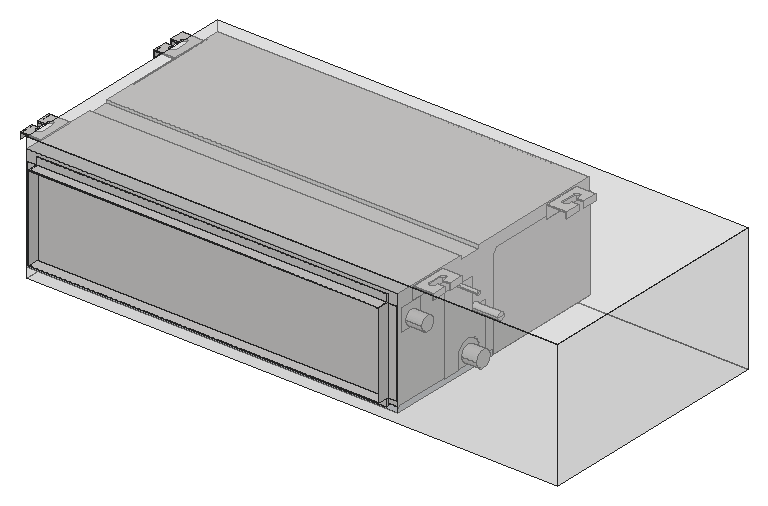
Revit family "outputfile", category 機械設備, Revit 2024
Family settings
  丸型コネクタ寸法 = 半径を使用
  パーツ タイプ = 標準
  OmniClass 番号 = 23.75.10.24.21.27.27
  OmniClass タイトル = Split System Air Conditioning Units
  作業面ベース = いいえ
  常に垂直 = はい
  ロード時にボイドで切り取り = いいえ
  注釈の向きを維持 = いいえ
  共有 = いいえ
  部屋計算ポイント = はい
Parameters (values of type "FXDQ32SPV1")
  Description = ""
  製造元 = "Daikin"
  書き出し IFC クラス(タイプ) = "IfcUnitaryEquipmentType"
  定義済み IFC タイプ(タイプ) = "AIRCONDITIONINGUNIT"
  Cost = 0
  モデル = "FXDQ32SPV1"
  Type Comments = ""
  Keynote = ""
  Type Image = (empty or 0)
  Assembly Code = ""
  w_pipe = 33.0 mm
  r_Liquid Pipe Size = Liquid Pipe Size / 2  # 3.2 mm
  r_Gas Pipe Size = Gas Pipe Size / 2  # 6.35 mm
  r_Drain Pipe Size = Drain Pipe Size / 2  # 10.0 mm
  lw_powersupply = 304.0 mm
  lw_ductflange2 = 630.0 mm
  lw_clearancespace = 1000.0 mm
  lw_Width = 660.0 mm
  lh_suctionflange [instance] = if(Rear Connection_Return Air, 100.0 mm, 190.0 mm)  # 100.0 mm
  lh_liquidpipe = 154.5 mm
  ld_suctionflange [instance] = if(Rear Connection_Return Air, 190.0 mm, 100.0 mm)  # 190.0 mm
  ld_powersupply = 60.0 mm
  angle_vertical_RA [instance] = if(Rear Connection_Return Air, 90.00°, 0.00°)  # 90.00°
  angle horizontal_RA [instance] = if(Rear Connection_Return Air, 180.00°, 270.00°)  # 180.00°
  Voltage_comment_50Hz = "220-240"
  Voltage_50Hz = 230 V
  URL = ""
  Supply Air Direction [instance] = yes
  Sound Power Level_H speed (dB) = 0
  Rear Connection_Return Air [instance] = not(Bottom Connection_Return Air)  # yes
  RA_length = 190.0 mm  # constant formula
  Phase_50Hz = 1
  Minimum External Static Pressure = 10.00 Pa
  Minimum Circuit Amps_50Hz = 0.7 A
  Maximum Fuse Amps_50Hz = 16.0 A
  Maximum External Static Pressure = 30.00 Pa
  Material_Casing = DAIKIN_GalvanizedSteel_Casing_indoorunit
  lw_liquidpipe = 39.2 mm  # constant formula
  lw_gaspipe = 50.6 mm  # constant formula
  lw_mountinghole_pitch = 740.0 mm
  lw_mountinghole = 20.0 mm  # constant formula
  lw_drainpipe = 33.0 mm  # constant formula
  lh_powersupply = 10.0 mm
  lh_gaspipe = 102.0 mm
  lh_mountinghole = Height + [h***]  # 200.0 mm
  lh_drainpipe = 150.0 mm
  lh_antena = 1.0 mm  # constant formula
  ld_liquidpipe = 193.0 mm  # constant formula
  ld_gaspipe = 130.0 mm  # constant formula
  ld_mountinghole_pitch = 0.0 mm  # constant formula
  ld_drainpipe = 280.0 mm
  ld_controlbox = 626.0 mm  # constant formula
  h*** = 0.0 mm  # constant formula
  d_dischargeflange = 21.2 mm  # constant formula
  Width = 700.0 mm
  Version = "ver.1.0"
  Unit Type = "Slim Duct (Standard) Type"
  Unit Mass Weight = 17.00 kg
  Unit Designation [instance] = ""
  Uniclass2015Version = "Products v1.30"
  Uniclass2015Title = "Variable refrigerant flow units"
  Uniclass2015Code = "Pr_70_65_03_94"
  Total Heating Capacity [instance] = 0.000 kW
  Total Cooling Capacity [instance] = 0.000 kW
  Sound Pressure Level_M speed (dBA) = 0
  Sound Pressure Level_L speed (dBA) = 30
  Sound Pressure Level_H speed (dBA) = 34
  Series = "VRV Fan Coil Unit"
  Sensible Cooling Capacity [instance] = 0.000 kW
  SA Duct Size Width = 660.0 mm
  SA Duct Size Height = 160.0 mm
  Refrigerant Type = "R410A"
  RA Duct Size Width = 596.0 mm
  RA Duct Size Height = 172.0 mm
  Power Input (Heating) = 0.062 kW
  Power Input (Cooling) = 0.078 kW
  Option Accessory 3 [instance] = ""
  Option Accessory 2 [instance] = ""
  Option Accessory 1 [instance] = ""
  Nominal Heating Capacity = 4.000 kW
  Nominal Cooling Capacity = 3.600 kW
  Minimum Airflow = 480.00 m³/h
  Median Airflow = 540.00 m³/h
  Maximum Airflow = 600.00 m³/h
  Load Classification = HVAC
  Liquid Pipe Size = 6.4 mm
  Link_Nested Family [instance] = ""
  IfcVersion = "0"
  IfcExportType = "AIRCONDITIONINGUNIT"
  IfcExportAs = "IfcUnitaryEquipmentType"
  Height = 200.0 mm
  Heating Entering Wet Bulb Temperature [instance] = 0.00 °C
  Heating Entering Dry Bulb Temperature [instance] = 0.00 °C
  Heating Ambient Wet Bulb Temperature [instance] = 0.00 °C
  Heating Ambient Dry Bulb Temperature [instance] = 0.00 °C
  Heat Exchanger Type = "Cross Fin Coil"
  Gas Pipe Size = 12.7 mm
  Frequency_50Hz = 50 Hz
  Fan Type = "Sirocco Fan"
  Fan Drive = "Direct Drive"
  FCU Tag No. [instance] = ""
  Drain Pipe Size = 20.0 mm
  Design Supply Airflow [instance] = 0.00 m³/h
  Design Return Airflow [instance] = 0.00 m³/h
  Design External Static Pressure [instance] = 0.00 Pa
  Depth = 450.0 mm
  既定の高さ = 0.0 mm
  Cooling Entering Wet Bulb Temperature [instance] = 0.00 °C
  Cooling Entering Dry Bulb Temperature [instance] = 0.00 °C
  Cooling Ambient Wet Bulb Temperature [instance] = 0.00 °C
  Cooling Ambient Dry Bulb Temperature [instance] = 0.00 °C
  Clearance visibility [instance] = yes
  Clearance Top = 20.0 mm
  Clearance Right = 300.0 mm
  Clearance Rear = 0.0 mm
  Clearance Left = 0.0 mm
  Clearance Front = 0.0 mm
  Clearance Bottom = 20.0 mm
  Bottom Connection_Return Air [instance] = no
Reference planes
  plane 1 "Center (Front/Back)": y = 0
  plane 2: z = 0
  plane 3 "Center (Left/Right)": x = 0
  plane 4 "Back": y = 225
  plane 5 "Front": y = -225
  plane 6 "Left": x = -350
  plane 7 "Right": x = 350
  plane 8 "Top": z = 0
  plane 9 "Bottom": z = -200
  plane 10: x = 330
  plane 11: x = -330
  plane 12: z = -190
  plane 13: z = -6
  plane 14: z = -22
  plane 15: z = -45.5
  plane 16: z = -98
  plane 17: x = -304
  plane 18: x = 304
  plane 19: x = -370
  plane 20: x = 370
  plane 21: y = 165
  plane 22: y = 165
  plane 23: x = -390
  plane 24: x = 390
  plane 25: x = 389.2
  plane 26: x = 400.6
  plane 27: x = 383
  plane 28: z = 0
  plane 29: z = -50
  plane 30 "Clearance Left": x = -350
  plane 31 "Clearance Right": x = 650
  plane 32 "Clearance Rear": y = 225
  plane 33 "Clearance Front": y = -225
  plane 34 "Clearance Top": z = 20
  plane 35 "Clearance Bottom": z = -220
  plane 36: z = -21
  plane 37: z = -170
  plane 38: z = -96.5
  plane 39: y = -46.5
  plane 40: y = -84
  plane 41: y = -197
  plane 42: y = 20
  plane 43: z = -97.5
  plane 44: y = -224
  plane 45: x = -349
  plane 46: z = -100
  plane 47: z = -30
  plane 48: y = 210
  plane 49: z = 301
  plane 50: z = -199
  plane 51: y = 35
  plane 52: z = -101
  plane 53: x = 380
  plane 54: x = 345
  plane 55: x = 355
  plane 56: x = 351
  plane 57: x = 279
  plane 58: x = 349.004
  plane 59: x = -349
  plane 60: x = 304
  plane 61: y = -157.5
  plane 62: y = 157.5
  plane 63: z = -98
  plane 64: z = -45.5
  plane 65: y = -62
  plane 66: y = 224
  plane 67: x = -35
  plane 68: x = 400.6
  plane 69: x = 389.2
Forms (mm)
  Extrusion 1, solid
    sketch origin (0, 0, 0) x (1, 0, 0) y (0, 0, 1)
      loop
        line (-350, -190) -> (-350, -200) -> (350, -200) -> (350, -190) -> (-350, -190)
    from 4.986 to 225
  Extrusion 2, solid, material "DAIKIN_GalvanizedSteel_Casing_indoorunit" <- "Material_Casing"
    sketch origin (0, 0, 0) x (1, 0, 0) y (0, 1, 0)
      loop
        line (-350, -225) -> (350, -225) -> (350, 225) -> (-350, 225) -> (-350, -225)
    from -200 to 0
  Extrusion 3, void
    sketch origin (0, 0, 1) x (1, 0, 0) y (0, 1, 0)
      loop
        line (-350, -36) -> (-350, -78) -> (350, -78) -> (350, -36) -> (-350, -36)
    from -1 to -7
  Revolve 4, solid, material "DAIKIN_GalvanizedSteel_Casing_indoorunit" <- "Material_Casing"
    sketch origin (0, 0, -98) x (0, -1, 0) y (1, 0, 0)
      loop
        line (40.15, 351) -> (46.5, 351) -> (46.5, 400.6) -> (40.15, 400.6) -> (40.15, 351)
      axis (46.5, 351) -> (46.5, 400.6)
    angle from 0 to 360
  Revolve 5, solid, material "DAIKIN_GalvanizedSteel_Casing_indoorunit" <- "Material_Casing"
    sketch origin (0.442, 0, -45.5) x (0, -1, 0) y (1, 0, 0)
      loop
        line (84, 351) -> (84, 388.758) -> (80.8, 388.758) -> (80.8, 351) -> (84, 351)
      axis (84, 388.758) -> (84, 351)
    angle from 0 to 360
  Extrusion 6, solid, material "DAIKIN_GalvanizedSteel_Casing_indoorunit" <- "Material_Casing"
    sketch origin (0, 0, -700) x (0, 1, 0) y (0, 0, 1)
      loop
        circle (-62, 530) r 15
    from 380 to 345
  Extrusion 7, solid, material "DAIKIN_GalvanizedSteel_Casing_indoorunit" <- "Material_Casing"
    sketch origin (0, 0, 0) x (0, 1, 0) y (0, 0, 1)
      loop
        line (-217.5, -66.5) -> (-176.5, -66.5) -> (-176.5, -25.5) -> (-217.5, -25.5) -> (-217.5, -66.5)
    from 350 to 351
  Extrusion 8, solid, material "DAIKIN_GalvanizedSteel_Casing_indoorunit" <- "Material_Casing"
    sketch origin (0, 0, 0) x (0, 1, 0) y (0, 0, 1)
      loop
        circle (-197, -50) r 13
    from 350 to 383
  Extrusion 9, solid, material "DAIKIN_GalvanizedSteel_Casing_indoorunit" <- "Material_Casing"
    sketch origin (0, 0, 0) x (1, 0, 0) y (0, 0, 1)
      loop
        line (-350, -190) -> (-350, -200) -> (350, -200) -> (350, -190) -> (-350, -190)
    from 4.986 to 225
  Extrusion 10, solid, material "DAIKIN_GalvanizedSteel_Casing_indoorunit" <- "Material_Casing", visible <- "Bottom Connection_Return Air"
    sketch origin (0, 0, 0) x (1, 0, 0) y (0, 0, 1)
      loop
        line (279, -200) -> (279, -1) -> (-349, -1) -> (-349, -200) -> (279, -200)
    from -225 to -224
  Extrusion 11, solid, material "DAIKIN_GalvanizedSteel_Casing_indoorunit" <- "Material_Casing", visible <- "Rear Connection_Return Air"
    sketch origin (0, 0, 0) x (1, 0, 0) y (0, 1, 0)
      loop
        line (-349, 225) -> (-349, 26) -> (279, 26) -> (279, 225) -> (-349, 225)
    from -200 to -199
  Extrusion 12, solid, material "DAIKIN_GalvanizedSteel_Casing_indoorunit" <- "Material_Casing"
    sketch origin (0, 0, 0) x (0, 1, 0) y (0, 0, 1)
      loop
        line (-1, -199) -> (225, -199) -> (225, -22) -> (193.393, -22) -> (192.179, -26.532) -> (123.882, -26.532) -> (121.769, -22) -> (6.769, -22) -> (-1, -29.769) -> (-1, -199)
    from 351 to 350
  Extrusion 13, solid, material "DAIKIN_GalvanizedSteel_Casing_indoorunit" <- "Material_Casing"
    sketch origin (0, 0, 0) x (0, 1, 0) y (0, 0, 1)
      loop
        line (-117, -45.5) -> (-117, -190) -> (-22, -190) -> (-22, -98) -> (-40.15, -98)
        arc (-40.15, -98) -> (-46.5, -104.35) -> (-52.85, -98) r 6.35
        line (-52.85, -98) -> (-52.85, -45.5) -> (-80.8, -45.5)
        arc (-80.8, -45.5) -> (-84, -48.7) -> (-87.2, -45.5) r 3.2
        line (-87.2, -45.5) -> (-117, -45.5)
    from 351 to 350
  Extrusion 14, void
    sketch origin (0, 0, 0) x (0, 1, 0) y (0, 0, 1)
      loop
        line (-87, -190) -> (-37, -190) -> (-37, -170)
        arc (-37, -170) -> (-62, -145) -> (-87, -170) r 25
        line (-87, -170) -> (-87, -190)
    from 350 to 351
  Extrusion 15, void
    sketch origin (0, 0, 0) x (1, 0, 0) y (0, 0, 1)
      loop
        line (-349, -1) -> (-349, -209.43) -> (279, -209.43) -> (279, -1) -> (-349, -1)
    from -225 to -26
Cuts and joins
  Extrusion 3, Extrusion 14, Extrusion 15 cuts Extrusion 2
  Extrusion 14, Extrusion 15 cuts Extrusion 9
  Extrusion 14 cuts Extrusion 13
Dimensions and locks
  "lh_powersupply": plane 12 to plane 9 "Bottom"
  locked: plane 8 "Top" to plane 13 at 6
  "Height": plane 8 "Top" to plane 9 "Bottom"
  equal spacing: plane 17, plane 3 "Center (Left/Right)", plane 18, locked at 304 each
  locked: plane 17 to plane 18 at 608
  equal spacing: plane 19, plane 3 "Center (Left/Right)", plane 20
  "lw_mountinghole_pitch": plane 19 to plane 20
  locked: plane 14 to plane 9 "Bottom" at 178
  "lw_mountinghole": plane 23 to plane 19
  locked: plane 15 to plane 9 "Bottom" at 154.5
  "lh_gaspipe": plane 16 to plane 9 "Bottom"
  "lh_mountinghole": plane 28 to plane 9 "Bottom"
  "ld_mountinghole_pitch": plane 22 to plane 21
  equal spacing: plane 6 "Left", plane 3 "Center (Left/Right)", plane 7 "Right"
  "Width": plane 6 "Left" to plane 7 "Right"
  "lh_drainpipe": plane 29 to plane 9 "Bottom"
  "Clearance Right": plane 7 "Right" to plane 31 "Clearance Right"
  "Clearance Left": plane 30 "Clearance Left" to plane 6 "Left"
  "lw_gaspipe": plane 7 "Right" to plane 26
  "lw_liquidpipe": plane 7 "Right" to plane 25
  "lw_drainpipe": plane 7 "Right" to plane 27
  "Clearance Rear": plane 32 "Clearance Rear" to plane 4 "Back"
  "Clearance Front": plane 5 "Front" to plane 33 "Clearance Front"
  "Clearance Top": plane 34 "Clearance Top" to plane 8 "Top"
  "Clearance Bottom": plane 9 "Bottom" to plane 35 "Clearance Bottom"
  "ld_powersupply": plane 4 "Back" to plane 22
  locked: plane 8 "Top" to plane 36 at 21
  locked: plane 8 "Top" to plane 37 at 170
  locked: plane 40 to plane 39 at 37.5
  locked: plane 38 to plane 9 "Bottom" at 103.5
  locked: plane 36 to plane 43 at 76.5
  "Depth": plane 4 "Back" to plane 5 "Front"
  equal spacing: plane 4 "Back", plane 1 "Center (Front/Back)", plane 5 "Front"
  locked: plane 44 to plane 5 "Front" at 1
  locked: plane 45 to plane 6 "Left" at 1
  Extrusion 10 sketch curve to Extrusion 10 sketch curve = 199.0 mm
  locked: plane 12 to plane 46 at 90
  plane 32 "Clearance Rear" to Extrusion 10 = 1.0 mm
  locked: plane 47 to plane 35 "Clearance Bottom" at 190
  plane 48 to nested 12 = 1.0 mm
  plane 49 to plane 28 = 301.0 mm
  locked: plane 50 to plane 9 "Bottom" at 1
  "ld_suctionflange": plane 4 "Back" to plane 51
  locked: plane 52 to plane 9 "Bottom" at 99
  locked: plane 7 "Right" to plane 53 at 30
  locked: plane 54 to plane 7 "Right" at 5
  locked: plane 7 "Right" to plane 55 at 5
  locked: plane 7 "Right" to plane 56 at 1
  locked: plane 7 "Right" to plane 57 at 71
  locked: plane 7 "Right" to plane 58 at 0.996
  locked: plane 59 to plane 6 "Left" at 1
  "lw_powersupply": plane 3 "Center (Left/Right)" to plane 60
  "r_Gas Pipe Size": nested 6 to Revolve 4 sketch curve
  "r_Liquid Pipe Size": nested 5 to Revolve 5 sketch curve
  locked: plane 61 to plane 33 "Clearance Front" at 67.5
  locked: plane 62 to plane 61 at 315
  locked: plane 33 "Clearance Front" to plane 41 at 28
  plane 33 "Clearance Front" to plane 40 = 141.0 mm
  locked: Extrusion 7 sketch curve to Extrusion 7 sketch curve at 41  (x2)
  locked: plane 8 "Top" to plane 64 at 45.5
  plane 64 to plane 63 = 52.5 mm
  locked: plane 33 "Clearance Front" to plane 65 at 163
  plane 33 "Clearance Front" to cut or joined group of Extrusion 2, Extrusion 3, Extrusion 14, Extrusion 15 = 147.0 mm
  nested 12 to plane 67 = 298.0 mm
  "ld_suctionflange": plane 4 "Back" to nested 14
  locked: plane 7 "Right" to plane 68 at 50.6
  locked: plane 7 "Right" to plane 69 at 39.2
  nested 14 to plane 9 "Bottom" = 100.0 mm
  aligned and locked: level to plane 2
  aligned and locked: Extrusion 2 to plane 9 "Bottom"
  aligned and locked: plane 8 "Top" to Extrusion 2
  aligned and locked: Revolve 4 sketch curve to Revolve 4 sketch curve
  aligned and locked: Extrusion 8 to plane 27
  aligned and locked: plane 20 to nested 2
  aligned and locked: plane 19 to nested 3
  aligned and locked: plane 19 to nested 4
  aligned and locked: nested 7 to plane 29
  aligned and locked: Extrusion 8 to nested 7
  aligned and locked: nested 7 to plane 27
  aligned and locked: nested 10 to plane 12
  aligned and locked: Extrusion 9 to plane 5 "Front"
  aligned and locked: Extrusion 9 to plane 9 "Bottom"
  aligned and locked: nested 6 to plane 16
  aligned and locked: nested 8 to plane 44
  aligned and locked: plane 39 to nested 6
  aligned and locked: plane 41 to nested 7
  aligned and locked: Extrusion 11 to nested 12
  aligned and locked: plane 8 "Top" to Extrusion 3
  aligned and locked: plane 9 "Bottom" to Extrusion 11  (x2)
  aligned and locked: Extrusion 11 to plane 50
  aligned and locked: plane 4 "Back" to nested 11
  aligned and locked: plane 32 "Clearance Rear" to nested 13  (x2)
  aligned and locked: nested 13 to plane 33 "Clearance Front"
  aligned and locked: nested 13 to plane 34 "Clearance Top"  (x2)
  aligned and locked: nested 13 to plane 35 "Clearance Bottom"  (x2)
  aligned and locked: plane 4 "Back" to Extrusion 12
  aligned and locked: Extrusion 12 to plane 50
  aligned and locked: plane 7 "Right" to Extrusion 12  (x2)
  aligned and locked: Extrusion 3 to plane 13
  aligned and locked: plane 52 to nested 8
  aligned and locked: plane 7 "Right" to cut or joined group of Extrusion 2, Extrusion 3, Extrusion 14, Extrusion 15
  aligned and locked: Extrusion 6 to plane 54
  aligned and locked: Extrusion 6 to plane 53
  aligned and locked: Extrusion 12 to plane 56
  aligned and locked: Extrusion 7 to plane 56
  aligned and locked: Extrusion 7 to plane 7 "Right"
  aligned and locked: Extrusion 8 to plane 7 "Right"
  aligned and locked: plane 3 "Center (Left/Right)" to nested 15
  aligned and locked: plane 13 to nested 15
  aligned and locked: nested 10 to plane 60
  aligned and locked: plane 20 to nested 1
  aligned and locked: plane 33 "Clearance Front" to nested 15
  aligned and locked: plane 4 "Back" to nested 10
  aligned and locked: Extrusion 2 to plane 5 "Front"
  aligned and locked: plane 3 "Center (Left/Right)" to nested 9
  aligned and locked: nested 9 to plane 1 "Center (Front/Back)"
  aligned and locked: plane 61 to nested 16
  aligned and locked: plane 62 to nested 17
  aligned and locked: nested 19 to plane 61
  aligned and locked: nested 19 to plane 6 "Left"
  aligned and locked: nested 18 to plane 62
  aligned and locked: nested 18 to plane 6 "Left"
  aligned and locked: plane 8 "Top" to nested 19
  aligned and locked: plane 8 "Top" to nested 18
  aligned and locked: plane 8 "Top" to nested 16
  aligned and locked: plane 8 "Top" to nested 17
  aligned and locked: plane 64 to Revolve 5
  aligned and locked: plane 63 to Revolve 4
  aligned and locked: plane 7 "Right" to Extrusion 13
  aligned and locked: plane 56 to Extrusion 13
  aligned and locked: plane 64 to Extrusion 13  (x2)
  aligned and locked: plane 63 to Extrusion 13
  aligned and locked: Extrusion 13 to plane 12
  aligned and locked: plane 56 to cut or joined group of Extrusion 2, Extrusion 3, Extrusion 14, Extrusion 15
  aligned and locked: cut or joined group of Extrusion 2, Extrusion 3, Extrusion 14, Extrusion 15 to plane 7 "Right"
  aligned and locked: Extrusion 6 sketch curve to plane 65
  aligned and locked: plane 37 to Extrusion 6
  aligned and locked: nested 12 to plane 59
  aligned and locked: plane 4 "Back" to Extrusion 15
  aligned and locked: nested 11 to plane 59
  aligned and locked: Extrusion 11 to plane 57
  aligned and locked: Extrusion 10 to plane 59
  aligned and locked: Extrusion 10 to plane 57
  aligned and locked: plane 67 to nested 14
  aligned and locked: nested 11 to plane 50
  aligned and locked: plane 40 to nested 5
  aligned and locked: nested 5 to plane 64
  aligned and locked: plane 31 "Clearance Right" to nested 13
  aligned and locked: plane 7 "Right" to nested 16
  aligned and locked: plane 7 "Right" to nested 17
  aligned and locked: nested 1 to plane 62
  aligned and locked: nested 2 to plane 61
  aligned and locked: nested 3 to plane 61
  aligned and locked: nested 4 to plane 62
  aligned and locked: Revolve 4 to plane 68
  aligned and locked: plane 68 to nested 6
  aligned and locked: Revolve 5 to plane 69
  aligned and locked: plane 69 to nested 5
  aligned and locked: level to plane 8 "Top"
  aligned and locked: plane 16 to plane 63
Automatic sketch dimensions
  Extrusion 1 sketch curve to plane 6 "Left" = 0.0 mm
  Extrusion 1 sketch curve to plane 7 "Right" = 0.0 mm
  Extrusion 1 sketch curve to plane 9 "Bottom" = 0.0 mm
  Extrusion 1 sketch curve to plane 12 = 0.0 mm
  Extrusion 2 sketch curve to plane 4 "Back" = 0.0 mm
  Extrusion 2 sketch curve to plane 6 "Left" = 0.0 mm
  Extrusion 2 sketch curve to plane 7 "Right" = 0.0 mm
  Extrusion 2 sketch curve to plane 44 = 1.0 mm
  Extrusion 3 sketch curve to plane 6 "Left" = 0.0 mm
  Extrusion 3 sketch curve to plane 7 "Right" = 0.0 mm
  plane 1 "Center (Front/Back)" to Extrusion 3 sketch curve = 78.0 mm
  Extrusion 3 sketch curve to plane 42 = 56.0 mm
  Extrusion 6 sketch curve to plane 37 = 0.0 mm
  Extrusion 8 sketch curve to plane 41 = 0.0 mm
  Extrusion 9 sketch curve to plane 6 "Left" = 0.0 mm
  Extrusion 9 sketch curve to plane 7 "Right" = 0.0 mm
  Extrusion 9 sketch curve to plane 9 "Bottom" = 0.0 mm
  Extrusion 9 sketch curve to plane 12 = 0.0 mm
  Extrusion 11 sketch curve to plane 45 = 0.0 mm
  Extrusion 11 sketch curve to plane 4 "Back" = 0.0 mm
  Extrusion 11 sketch curve to plane 18 = 25.0 mm
  plane 42 to Extrusion 11 sketch curve = 6.0 mm
  Revolve 4 sketch curve to plane 26 = 0.0 mm
  Revolve 4 sketch curve to plane 39 = 0.0 mm
  Revolve 4 sketch curve to Revolve 4 sketch curve = 1.003 mm
  plane 26 to Revolve 4 sketch curve = 1.003 mm
  plane 15 to Extrusion 7 sketch curve = 20.0 mm
  plane 44 to Extrusion 7 sketch curve = 6.5 mm
  Extrusion 8 sketch curve to plane 29 = 0.0 mm
  Revolve 4 sketch curve to plane 56 = 0.0 mm
  Extrusion 13 sketch curve to plane 64 = 0.0 mm
  Extrusion 13 sketch curve to plane 12 = 0.0 mm
  Extrusion 13 sketch curve to plane 40 = 0.0 mm
  Extrusion 13 sketch curve to plane 63 = 0.0 mm
  Extrusion 13 sketch curve to plane 39 = 0.0 mm
  Extrusion 13 sketch curve to Extrusion 13 sketch curve = 3.2 mm
  Extrusion 13 sketch curve to Extrusion 13 sketch curve = 29.8 mm
  Extrusion 13 sketch curve to plane 39 = 6.35 mm
  Extrusion 13 sketch curve to Extrusion 13 sketch curve = 18.15 mm
  Extrusion 14 sketch curve to plane 12 = 0.0 mm
  Extrusion 14 sketch curve to plane 37 = 0.0 mm
  Extrusion 14 sketch curve to plane 65 = 0.0 mm
  Extrusion 14 sketch curve to plane 40 = 3.0 mm
  plane 45 to Extrusion 10 sketch curve = 0.0 mm
  Extrusion 10 sketch curve to plane 50 = 1.0 mm
  plane 45 to Extrusion 15 sketch curve = 0.0 mm
  plane 57 to Extrusion 15 sketch curve = 0.0 mm
  Extrusion 15 sketch curve to plane 9 "Bottom" = 9.43 mm
  Extrusion 15 sketch curve to plane 8 "Top" = 1.0 mm
  plane 57 to Extrusion 10 sketch curve = 0.0 mm
  Extrusion 12 sketch curve to plane 50 = 0.0 mm
  Extrusion 12 sketch curve to plane 14 = 0.0 mm  (x2)
  Extrusion 12 sketch curve to plane 4 "Back" = 0.0 mm
  plane 47 to Extrusion 12 sketch curve = 3.468 mm
  Extrusion 12 sketch curve to plane 48 = 17.821 mm
  Extrusion 12 sketch curve to plane 62 = 33.618 mm
  Extrusion 12 sketch curve to Extrusion 12 sketch curve = 2.113 mm
  Extrusion 12 sketch curve to plane 1 "Center (Front/Back)" = 6.769 mm
  plane 1 "Center (Front/Back)" to Extrusion 12 sketch curve = 1.0 mm
  plane 47 to Extrusion 12 sketch curve = 0.231 mm
  Extrusion 12 sketch curve to Extrusion 12 sketch curve = 1.214 mm
  Revolve 5 sketch curve to plane 40 = 0.0 mm  (x2)
  plane 25 to Revolve 5 sketch curve = 0.442 mm
  plane 56 to Revolve 5 sketch curve = 0.442 mm  (x2)
  Revolve 5 sketch curve to plane 25 = 0.0 mm
  radius of Extrusion 6 sketch curve = 15.0 mm
  radius of Extrusion 8 sketch curve = 13.0 mm
Nested families
  nested 1: "daikin_mountinghole" at (370, 157.5, -200), l_antenna <- "lh_antena", Link_Nested Family <- "Link_Nested Family", h_mountinghole <- "lh_mountinghole", type "daikin_mountinghole"
    with show yes, l_antenna 1.0 mm, h_mountinghole 200.0 mm, Link_Nested Family ""
  nested 2: "daikin_mountinghole" at (370, -157.5, -200), Link_Nested Family <- "Link_Nested Family", l_antenna <- "lh_antena", h_mountinghole <- "lh_mountinghole", type "daikin_mountinghole"
    with show yes, l_antenna 1.0 mm, h_mountinghole 200.0 mm, Link_Nested Family ""
  nested 3: "daikin_mountinghole" at (-370, -157.5, -200), l_antenna <- "lh_antena", Link_Nested Family <- "Link_Nested Family", h_mountinghole <- "lh_mountinghole", type "daikin_mountinghole"
    with show yes, l_antenna 1.0 mm, h_mountinghole 200.0 mm, Link_Nested Family ""
  nested 4: "daikin_mountinghole" at (-370, 157.5, -200), l_antenna <- "lh_antena", Link_Nested Family <- "Link_Nested Family", h_mountinghole <- "lh_mountinghole", type "daikin_mountinghole"
    with show yes, l_antenna 1.0 mm, h_mountinghole 200.0 mm, Link_Nested Family ""
  nested 5: "daikin_connector_rotate2" at (350, -84, -45.5) x (0, 1, 0) z (0, 0, 1), length <- "lw_liquidpipe", radius <- "r_Liquid Pipe Size", built-in parameter 1001364 <- "lh_liquidpipe", type "daikin_connector_rotate2"
    with radius 3.2 mm, length 39.2 mm, angle_vertical 90.00°, show_face no
  nested 6: "daikin_connector_rotate2" at (350, -46.5, -98) x (0, 1, 0) z (0, 0, 1), length <- "lw_gaspipe", built-in parameter 1001364 <- "lh_gaspipe", radius <- "r_Gas Pipe Size", type "daikin_connector_rotate2"
    with radius 6.35 mm, length 50.6 mm, angle_vertical 90.00°, show_face no
  nested 7: "daikin_connector_rotate2" at (350, -197, -50) x (0, 1, 0) z (0, 0, 1), built-in parameter 1001364 <- "lh_drainpipe", length <- "lw_drainpipe", radius <- "r_Drain Pipe Size", type "daikin_connector_rotate2"
    with radius 10.0 mm, length 33.0 mm, angle_vertical 90.00°, show_face no
  nested 8: "daikin_connector_rotate2" at (0, -224, -101), length <- "d_dischargeflange", type "daikin_connector_rotate2"
    with radius 10.0 mm, length 21.2 mm, angle_vertical 90.00°, show_face no
  nested 9: "daikin_△_symbolicline" at (-50, -86.603, 200) x (-0.5, 0.866, 0) z (0, 0, 1), built-in parameter 1001364 <- "Height", visible <- "Supply Air Direction", type "daikin_△_symbolicline"
    with length 200.0 mm
  nested 10: "daikin_connector_rotate2" at (304, 165, -190) x (-1, 0, 0) z (0, 0, 1), built-in parameter 1001364 <- "lw_powersupply", length <- "ld_powersupply", type "daikin_connector_rotate2"
    with radius 10.0 mm, length 60.0 mm, angle_vertical 90.00°, show_face no
  nested 11: "daikin_ductflange_FXDQ-SPV1_2" at (-35, 225, -100), visible <- "Rear Connection_Return Air", material <- "Material_Casing", width <- "lw_ductflange2", type "daikin_ductflange_FXDQ-SPV1_2"
    with width 630.0 mm, material DAIKIN_GalvanizedSteel_Casing_indoorunit, height 180.0 mm, depth 21.2 mm
  nested 12: "daikin_ductflange_FXDQ-SPV1_2" at (-35, 125, -200) x (1, 0, 0) z (0, 1, 0), visible <- "Bottom Connection_Return Air", material <- "Material_Casing", width <- "lw_ductflange2", type "daikin_ductflange_FXDQ-SPV1_2"
    with width 630.0 mm, material DAIKIN_GalvanizedSteel_Casing_indoorunit, height 180.0 mm, depth 21.2 mm
  nested 13: "daikin_clearancespace" at (150, 0, -99.881), visible <- "Clearance visibility", show <- "Clearance visibility", width <- "lw_clearancespace", Link_Nested Family <- "Link_Nested Family", type "daikin_clearancespace"
    with width 1000.0 mm, show yes, height 240.0 mm, depth 450.0 mm, Link_Nested Family ""
  nested 14: "daikin_connector_rotate3" at (-35, 35, -100), built-in parameter 1001364 <- "lh_suctionflange", angle_vertical <- "angle_vertical_RA", angle_horizontal <- "angle horizontal_RA", length <- "RA_length", type "daikin_connector_rotate3"
    with show no, radius 10.0 mm, length 190.0 mm, angle_vertical 90.00°, angle_horizontal 180.00°
  nested 15: "daikin_ductflange_FXDQ-SPV1_1" at (0, 88.5, -371.201), width <- "lw_Width", material <- "Material_Casing", type "daikin_ductflange_FXDQ-SPV1_1"
    with width 660.0 mm, material DAIKIN_GalvanizedSteel_Casing_indoorunit, height 162.0 mm, depth 21.2 mm
  nested 16: "daikin_hangerfixture_FXDQ-SPV1" at (350, -157.5, 0) x (0, 1, 0) z (0, 0, 1), type "daikin_hangerfixture_FXDQ-SPV1"
  nested 17: "daikin_hangerfixture_FXDQ-SPV1" at (350, 157.5, 0) x (0, 1, 0) z (0, 0, 1), type "daikin_hangerfixture_FXDQ-SPV1"
  nested 18: "daikin_hangerfixture_FXDQ-SPV1" at (-350, 157.5, 0) x (0, -1, 0) z (0, 0, 1), type "daikin_hangerfixture_FXDQ-SPV1"
  nested 19: "daikin_hangerfixture_FXDQ-SPV1" at (-350, -157.5, 0) x (0, -1, 0) z (0, 0, 1), type "daikin_hangerfixture_FXDQ-SPV1"
Connectors
  piping at (400.6, -46.5, -98), diameter 12.7, driven by "r_Gas Pipe Size"
    settings: on nested 6, index 1, connector inside diameter 609.6 mm, connector length 0.0 mm, flow factor 0, pipe flow 0.00 m³/h, pressure drop 0.0 Pa, fitting loss kfactor 0, connector angle 0.00°, fixture units 0, engagement length 0.0 mm, angle of deflection 0.00°, flow configuration 1, flow direction 2, fitting loss method 0, system type 29, joint type 0, gender type 0, connector reference index -1, connector utility 0, adjustable connector no, is connector primary yes, connector description "Refrigerant Gas Piping"
  piping at (389.2, -84, -45.5), diameter 6.4, driven by "r_Liquid Pipe Size"
    settings: on nested 5, index 2, connector inside diameter 609.6 mm, connector length 0.0 mm, flow factor 0, pipe flow 0.00 m³/h, pressure drop 0.0 Pa, fitting loss kfactor 0, connector angle 0.00°, fixture units 0, engagement length 0.0 mm, angle of deflection 0.00°, flow configuration 1, flow direction 1, fitting loss method 0, system type 29, joint type 0, gender type 0, connector reference index -1, connector utility 0, adjustable connector no, is connector primary no, connector description "Refrigerant Liquid Piping"
  piping at (383, -197, -50), diameter 20, driven by "r_Drain Pipe Size"
    settings: on nested 7, index 3, connector inside diameter 609.6 mm, connector length 0.0 mm, flow factor 0, pipe flow 0.00 m³/h, pressure drop 0.0 Pa, fitting loss kfactor 0, connector angle 0.00°, fixture units 0, engagement length 0.0 mm, angle of deflection 0.00°, flow configuration 1, flow direction 2, fitting loss method 4, system type 16, joint type 0, gender type 0, connector reference index -1, connector utility 0, adjustable connector no, is connector primary no, connector description "Condensate Drain Piping"
  hvac at (0, -245.2, -101), driven by "SA Duct Size Height", driven by "SA Duct Size Width"
    settings: on nested 8, index 7, duct flow 0.00 m³/h, flow factor 0, pres drop 0.00 Pa, loss coef 0, conn angle 0.00°, conn width 660.0 mm, conn height 160.0 mm, conn diameter 609.6 mm, duct sys type 1, conn prof type 1, flow config 0, flow direction 2, loss method 4, conn ref index -1, conn util no, is conn primary yes, conn desc "SA Duct"
  electrical at (304, 225, -190), driven by "Load Classification"
    settings: on nested 10, index 9, voltage 0 V, apparent load 0 VA, apparent load phase1 0 VA, apparent load phase2 0 VA, apparent load phase3 0 VA, power factor 1, load classification "HVAC", number of poles 1, system type 30, power factor state 1, is connector primary yes, connector utility no, sub classification motor no, connector description "Power Supply"
  hvac at (-35, 225, -100), driven by "RA Duct Size Height", driven by "RA Duct Size Width"
    settings: on nested 14, index 10, duct flow 0.00 m³/h, flow factor 0, pres drop 0.00 Pa, loss coef 0, conn angle 0.00°, conn width 596.0 mm, conn height 172.0 mm, conn diameter 609.6 mm, duct sys type 2, conn prof type 1, flow config 0, flow direction 1, loss method 4, conn ref index -1, conn util no, is conn primary no, conn desc "RA Duct"
Definition of nested family "daikin_ductflange_FXDQ-SPV1_2"
  Parameters (values of type "daikin_ductflange_FXDQ-PDVE2")
    width [instance] = 630.0 mm
    material [instance] = none
    height [instance] = 186.0 mm
    depth [instance] = 21.2 mm
    Default Elevation = 0.0 mm
  Reference planes
    plane 1 "Center (Front/Back)": y = 0
    plane 2: z = 0
    plane 3 "Center (Left/Right)": x = 0
    plane 4: y = -313.5
    plane 5: y = -334.7
    plane 6: x = -315
    plane 7: x = 315
    plane 8: z = 86
    plane 9: z = -86
    plane 10: z = 100
    plane 11: z = -100
    plane 12: x = -314
    plane 13: x = 314
  Forms (mm)
    Extrusion 1, solid, material <- "material"
      sketch origin (0, 0, 0) x (1, 0, 0) y (0, 0, 1)
        loop
          line (-298, 86) -> (-298, -86) -> (298, -86) -> (298, 86) -> (-298, 86)
        loop
          line (-314, -99) -> (314, -99) -> (314, 99) -> (-314, 99) -> (-314, -99)
      from 0 to 1
  Dimensions and locks
    plane 4 to plane 1 "Center (Front/Back)" = 313.5 mm
    "depth": plane 5 to plane 4
    equal spacing: plane 7, plane 3 "Center (Left/Right)", plane 6
    "width": plane 7 to plane 6
    equal spacing: plane 10, level, plane 11, locked at 100 each
    locked: plane 10 to plane 11 at 200
    plane 12 to plane 6 = 1.0 mm
    locked: plane 7 to plane 13 at 1
    plane 10 to Extrusion 1 sketch curve = 1.0 mm
    Extrusion 1 sketch curve to plane 11 = 1.0 mm
    locked: Extrusion 1 sketch curve to Extrusion 1 sketch curve at 13  (x2)
    locked: Extrusion 1 sketch curve to Extrusion 1 sketch curve at 16  (x2)
    locked: plane 10 to plane 8 at 14
    locked: plane 9 to plane 11 at 14
    plane 8 to plane 2 to plane 9 = 86.0 mm, 86.0 mm
    plane 8 to plane 9 = 172.0 mm
    aligned and locked: level to plane 2
  Automatic sketch dimensions
    plane 6 to Extrusion 1 sketch curve = 1.0 mm
    Extrusion 1 sketch curve to plane 7 = 1.0 mm
Definition of nested family "daikin_clearancespace"
  Parameters (values of type "daikin_clearancespace")
    width [instance] = 1823.963 mm
    show [instance] = yes
    material = none
    height [instance] = 1359.762 mm
    depth [instance] = 880.0 mm
    Default Elevation = 0.0 mm
    Link_Nested Family [instance] = ""
  Reference planes
    plane 1 "Center (Front/Back)": y = 0
    plane 2 "Center (Elevation)": z = -0.119
    plane 3 "Center (Left/Right)": x = 0
    plane 4: y = 440
    plane 5: y = -440
    plane 6 "Right": x = 911.982
    plane 7 "Left": x = -911.982
    plane 8 "Top": z = 679.762
    plane 9 "Bottom": z = -680
  Forms (mm)
    Extrusion 1, solid, material <- "material", visible <- "show"
      sketch origin (0, 0, 0) x (1, 0, 0) y (0, 1, 0)
        loop
          line (-911.982, 440) -> (-911.982, -440) -> (911.982, -440) -> (911.982, 440) -> (-911.982, 440)
      from -680 to 679.762
  Lines and regions (mm)
    symbolic lines, visible <- "show"
      curve 1: line (911.982, 440, 0) -> (-911.982, 440, 0)
      curve 2: line (-911.982, 440, 0) -> (-911.982, -440, 0)
      curve 3: line (-911.982, -440, 0) -> (911.982, -440, 0)
      curve 4: line (911.982, -440, 0) -> (911.982, 440, 0)
      curve 5: line (911.982, 0, 679.762) -> (-911.982, 0, 679.762)
      curve 6: line (911.982, 0, -680) -> (911.982, 0, 679.762)
      curve 7: line (-911.982, 0, -680) -> (911.982, 0, -680)
      curve 8: line (-911.982, 0, 679.762) -> (-911.982, 0, -680)
      curve 9: line (0, 440, 679.762) -> (0, -440, 679.762)
      curve 10: line (0, -440, 679.762) -> (0, -440, -680)
      curve 11: line (0, 440, -680) -> (0, 440, 679.762)
      curve 12: line (0, -440, -680) -> (0, 440, -680)
  Dimensions and locks
    "width": plane 7 "Left" to plane 6 "Right"
    "depth": plane 4 to plane 5
    "height": plane 8 "Top" to plane 9 "Bottom"
    equal spacing: plane 7 "Left", plane 3 "Center (Left/Right)", plane 6 "Right"
    equal spacing: plane 4, plane 1 "Center (Front/Back)", plane 5
    equal spacing: plane 8 "Top", plane 2 "Center (Elevation)", plane 9 "Bottom"
    aligned and locked: level to plane 2 "Center (Elevation)"
    aligned and locked: Extrusion 1 sketch curve to plane 4
    aligned and locked: plane 7 "Left" to Extrusion 1 sketch curve
    aligned and locked: Extrusion 1 sketch curve to plane 5
    aligned and locked: Extrusion 1 sketch curve to plane 6 "Right"
    aligned and locked: plane 8 "Top" to Extrusion 1
    aligned and locked: curve 1 to Extrusion 1
    aligned and locked: curve 2 to Extrusion 1
    aligned and locked: curve 3 to Extrusion 1
    aligned and locked: curve 4 to Extrusion 1
    aligned and locked: curve 5 to Extrusion 1
    aligned and locked: curve 6 to Extrusion 1
    aligned and locked: curve 7 to Extrusion 1
    aligned and locked: curve 8 to Extrusion 1
    aligned and locked: curve 9 to Extrusion 1
    aligned and locked: curve 10 to Extrusion 1
    aligned and locked: curve 11 to Extrusion 1
    aligned and locked: curve 12 to Extrusion 1
    aligned and locked: Extrusion 1 to plane 9 "Bottom"
Definition of nested family "daikin_ductflange_FXDQ-SPV1_1"
  Parameters (values of type "daikin_ductflange_FXDQ-PDVE")
    width [instance] = 862.0 mm
    material [instance] = none
    height [instance] = 162.0 mm
    depth [instance] = 21.2 mm
    Default Elevation = 0.0 mm
  Reference planes
    plane 1 "Center (Front/Back)": y = 0
    plane 2: z = 189.201
    plane 3 "Center (Left/Right)": x = 0
    plane 4: y = -313.5
    plane 5: x = -431
    plane 6: x = 431
    plane 7: y = -334.7
    plane 8: z = 351.201
    plane 9: z = 270.201
    plane 10: z = 350.201
    plane 11: z = 190.201
  Forms (mm)
    Extrusion 1, solid, material <- "material"
      sketch origin (0, 0, 189.201) x (1, 0, 0) y (0, 1, 0)
        loop
          line (-431, -334.7) -> (-431, -313.5) -> (-449, -313.5) -> (-449, -314.5) -> (-432, -314.5) -> (-432, -334.7) -> (-431, -334.7)
        loop
          line (431, -334.7) -> (432, -334.7) -> (432, -314.5) -> (449, -314.5) -> (449, -313.5) -> (431, -313.5) -> (431, -334.7)
      from 1 to 161
    Extrusion 2, solid, material <- "material"
      sketch origin (0, 0, 0) x (0, 1, 0) y (0, 0, 1)
        loop
          line (-313.5, 350.201) -> (-313.5, 365.201) -> (-314.5, 365.201) -> (-314.5, 351.201) -> (-334.7, 351.201) -> (-334.7, 350.201) -> (-313.5, 350.201)
        loop
          line (-313.5, 190.201) -> (-334.7, 190.201) -> (-334.7, 189.201) -> (-314.5, 189.201) -> (-314.5, 175.201) -> (-313.5, 175.201) -> (-313.5, 190.201)
      from -431 to 431
  Dimensions and locks
    plane 4 to plane 1 "Center (Front/Back)" = 313.5 mm
    "depth": plane 7 to plane 4
    equal spacing: plane 8, plane 9, level, locked at 81 each
    "height": plane 8 to level
    equal spacing: plane 6, plane 3 "Center (Left/Right)", plane 5
    "width": plane 6 to plane 5
    plane 5 to plane 6 = 862.0 mm
    locked: plane 8 to plane 10 at 1
    locked: plane 11 to level at 1
    locked: Extrusion 1 to Extrusion 2 sketch curve at 1
    locked: Extrusion 2 sketch curve to Extrusion 1 at 1
    locked: Extrusion 1 sketch curve to Extrusion 1 sketch curve at 1
    locked: Extrusion 1 sketch curve to plane 5 at 18
    locked: Extrusion 1 to plane 5 at 18
    locked: plane 6 to Extrusion 1 at 18
    locked: plane 5 to Extrusion 1 at 18
    locked: Extrusion 1 to plane 6 at 18
    aligned and locked: level to plane 2
    aligned and locked: Extrusion 2 to plane 5
    aligned and locked: Extrusion 2 to plane 11
    aligned and locked: Extrusion 2 to plane 10
    aligned and locked: plane 6 to Extrusion 2
    aligned and locked: plane 5 to Extrusion 2  (x2)
    aligned and locked: plane 5 to Extrusion 1  (x2)
    aligned and locked: Extrusion 1 to plane 6
    aligned and locked: plane 6 to Extrusion 1
  Automatic sketch dimensions
    Extrusion 1 sketch curve to plane 4 = 0.0 mm  (x2)
    Extrusion 1 sketch curve to plane 7 = 0.0 mm  (x2)
    plane 5 to Extrusion 1 sketch curve = 0.0 mm
    Extrusion 1 sketch curve to plane 5 = 1.0 mm
    plane 6 to Extrusion 1 sketch curve = 1.0 mm
    Extrusion 2 sketch curve to plane 7 = 0.0 mm  (x2)
    Extrusion 2 sketch curve to plane 4 = 0.0 mm  (x2)
    Extrusion 2 sketch curve to plane 11 = 0.0 mm
    Extrusion 2 sketch curve to plane 10 = 0.0 mm
    Extrusion 2 sketch curve to plane 4 = 1.0 mm  (x2)
    Extrusion 2 sketch curve to level = 14.0 mm
    plane 8 to Extrusion 2 sketch curve = 14.0 mm
    Extrusion 1 sketch curve to Extrusion 1 sketch curve = 17.0 mm
    Extrusion 1 sketch curve to plane 4 = 1.0 mm
    Extrusion 1 sketch curve to plane 6 = 0.0 mm
Definition of nested family "daikin_hangerfixture_FXDQ-SPV1"
  Parameters (values of type "daikin_hangerfixture_FXDQ-SPV1")
    width = 700.0 mm
    material = none
    height = 30.0 mm
    depth = 619.0 mm
    Default Elevation = 0.0 mm
  Reference planes
    plane 1 "Center (Front/Back)": y = 0
    plane 2: z = 0
    plane 3 "Center (Left/Right)": x = 0
    plane 4: x = -34
    plane 5: x = 34
    plane 6: y = -39.5
    plane 7: z = -24.5
  Forms (mm)
    Extrusion 1, solid, material <- "material"
      sketch origin (0, 0, 0) x (0, 1, 0) y (0, 0, 1)
        loop
          line (0, 0) -> (-39.5, 0) -> (-39.5, -11) -> (-38, -11) -> (-38, -1.5) -> (-1.5, -1.5) -> (-1.5, -24.5) -> (0, -24.5) -> (0, 0)
      from -34 to 34
    Extrusion 2, void
      sketch origin (0, 0, 0) x (1, 0, 0) y (0, 1, 0)
        loop
          line (6.5, -39.5) -> (6.5, -26.5) -> (12.5, -26.5)
          arc (12.5, -26.5) -> (18.5, -20.5) -> (12.5, -14.5) r 6
          line (12.5, -14.5) -> (-12.5, -14.5)
          arc (-12.5, -14.5) -> (-18.5, -20.5) -> (-12.5, -26.5) r 6
          line (-12.5, -26.5) -> (-6.5, -26.5) -> (-6.5, -39.5) -> (6.5, -39.5)
      from -70.244 to 68
  Cuts and joins
    Extrusion 2 cuts Extrusion 1
  Dimensions and locks
    equal spacing: plane 4, plane 3 "Center (Left/Right)", plane 5, locked at 34 each
    locked: plane 4 to plane 5 at 68
    locked: plane 6 to plane 1 "Center (Front/Back)" at 39.5
    locked: plane 2 to plane 7 at 24.5
    aligned and locked: level to plane 2
    aligned and locked: plane 2 to Extrusion 1
    aligned and locked: Extrusion 1 to plane 1 "Center (Front/Back)"  (x2)
    aligned and locked: Extrusion 1 to plane 4
    aligned and locked: plane 5 to Extrusion 1
    aligned and locked: Extrusion 1 to plane 6  (x2)
    aligned and locked: Extrusion 1 to plane 7
    aligned and locked: plane 4 to Extrusion 1
    aligned and locked: Extrusion 1 to plane 5
  Automatic sketch dimensions
    Extrusion 1 sketch curve to level = 0.0 mm
    Extrusion 1 sketch curve to plane 1 "Center (Front/Back)" = 0.0 mm
    plane 1 "Center (Front/Back)" to Extrusion 1 sketch curve = 1.5 mm
    Extrusion 1 sketch curve to level = 1.5 mm
    Extrusion 1 sketch curve to Extrusion 1 sketch curve = 36.5 mm
    Extrusion 1 sketch curve to Extrusion 1 sketch curve = 1.5 mm
    Extrusion 1 sketch curve to Extrusion 1 sketch curve = 9.5 mm
    Extrusion 1 sketch curve to Extrusion 1 sketch curve = 23.0 mm
    Extrusion 2 sketch curve to plane 6 = 0.0 mm
    Extrusion 2 sketch curve to plane 3 "Center (Left/Right)" = 12.5 mm
    Extrusion 2 sketch curve to Extrusion 2 sketch curve = 6.0 mm  (x3)
    plane 3 "Center (Left/Right)" to Extrusion 2 sketch curve = 6.5 mm
    Extrusion 2 sketch curve to Extrusion 2 sketch curve = 13.0 mm
    Extrusion 2 sketch curve to Extrusion 2 sketch curve = 0.0 mm
Definition of nested family "daikin_mountinghole"
  Parameters (values of type "daikin_mountinghole")
    Default Elevation = 1219.2 mm
    Type Comments = "mountinghole"
    show [instance] = yes
    material = none
    l_centerline = 100.0 mm
    l_antenna [instance] = 100.0 mm
    h_mountinghole [instance] = 0.0 mm
    d_circle = 30.0 mm
    Link_Nested Family [instance] = ""
  Reference planes
    plane 1 "Center (Front/Back)": y = 0
    plane 2: z = 0
    plane 3 "Center (Left/Right)": x = 0
    plane 4: y = 50
    plane 5: x = -50
    plane 6: x = 50
    plane 7: y = -50
    plane 8 "h_mountinghole": z = 0
    plane 9: z = 100
  Lines and regions (mm)
    model lines, detail levels fine
      curve 1: circle (0, 0, 0) r 15 normal (0, 0, 1)
      curve 2: line (-50, 0, 0) -> (50, 0, 0)
      curve 3: line (0, 50, 0) -> (0, -50, 0)
    symbolic lines, detail levels fine
      curve 4: circle (0, 0, 0) r 15 normal (0, 0, 1)
      curve 5: line (-50, 0, 0) -> (50, 0, 0)
      curve 6: line (0, 50, 0) -> (0, -50, 0)
    model lines
      curve 7: line (0, 0, 100) -> (0, 0, 0)
  Dimensions and locks
    equal spacing: plane 4, plane 1 "Center (Front/Back)", plane 7
    "l_centerline": plane 4 to plane 7
    equal spacing: plane 5, plane 3 "Center (Left/Right)", plane 6
    "l_centerline": plane 5 to plane 6
    "l_antenna": plane 9 to plane 8 "h_mountinghole"
    "h_mountinghole": plane 8 "h_mountinghole" to plane 2
    "d_circle": diameter of curve 1
    "d_circle": diameter of curve 4
    aligned and locked: level to plane 2
    aligned and locked: plane 1 "Center (Front/Back)" to curve 1
    aligned and locked: plane 3 "Center (Left/Right)" to curve 1
    aligned and locked: plane 1 "Center (Front/Back)" to curve 2
    aligned and locked: curve 3 to plane 3 "Center (Left/Right)"
    aligned and locked: plane 6 to curve 2
    aligned and locked: plane 5 to curve 2
    aligned and locked: plane 4 to curve 3
    aligned and locked: plane 7 to curve 3
    aligned and locked: plane 1 "Center (Front/Back)" to curve 4
    aligned and locked: plane 3 "Center (Left/Right)" to curve 4
    aligned and locked: plane 6 to curve 5
    aligned and locked: plane 5 to curve 5
    aligned and locked: plane 1 "Center (Front/Back)" to curve 5
    aligned and locked: plane 4 to curve 6
    aligned and locked: plane 7 to curve 6
    aligned and locked: curve 6 to plane 3 "Center (Left/Right)"
    aligned and locked: curve 7 to plane 3 "Center (Left/Right)"
    aligned and locked: plane 9 to curve 7
    aligned and locked: plane 8 "h_mountinghole" to curve 7
Definition of nested family "daikin_connector_rotate2"
  Parameters (values of type "daikin_connector_rotate2")
    show_face = yes
    radius [instance] = 10.0 mm
    length [instance] = 600.0 mm
    d_surface = 10.0 mm
    angle_vertical [instance] = 90.00°
    Default Elevation = 0.0 mm
  Reference planes
    plane 1 "Center (Front/Back)": y = 0
    plane 2: z = 0
    plane 3 "Center (Left/Right)": x = 0
  Forms (mm)
    Extrusion 1, solid, visible <- "show_face"
      sketch origin (0, -600, 0) x (1, 0, 0) y (0, 0, 1)
        loop
          circle (0, 0) r 10
      from 0 to -10
  Lines and regions (mm)
    reference lines
      curve 1: line (0, 0, 0) -> (0, -600, 0)
    symbolic lines
      curve 2: circle (0, 0, 0) r 5 normal (0, 0, 1)
    model lines, visible <- "show_face"
      curve 3: line (0, 0, 0) -> (0, -600, 0)
  Dimensions and locks
    "length": curve 1 to curve 1
    "length": curve 3 to curve 3
    "d_surface": Extrusion 1 to Extrusion 1
    "radius": radius of Extrusion 1 sketch curve
    "angle_vertical": angle curve 1 to plane 1 "Center (Front/Back)"
    "angle_vertical": angle curve 3 to plane 1 "Center (Front/Back)"
    aligned and locked: level to plane 2
    aligned and locked: plane 1 "Center (Front/Back)" to curve 1
    aligned and locked: plane 2 to curve 1
    aligned and locked: plane 1 "Center (Front/Back)" to curve 2
    aligned and locked: plane 3 "Center (Left/Right)" to curve 2
    aligned and locked: plane 1 "Center (Front/Back)" to curve 3
    aligned and locked: plane 2 to curve 3
    aligned and locked: Extrusion 1 to Extrusion 1
  Automatic sketch dimensions
    Extrusion 1 sketch curve to level = 0.0 mm
    Extrusion 1 sketch curve to plane 3 "Center (Left/Right)" = 0.0 mm
    radius of curve 2 = 5.0 mm
Definition of nested family "daikin_△_symbolicline"
  Parameters (values of type "daikin_△_symbolicline")
    length [instance] = 500.0 mm
    Default Elevation = 0.0 mm
  Reference planes
    plane 1 "Center (Front/Back)": y = 0
    plane 2: z = 0
    plane 3 "Center (Left/Right)": x = 0
  Lines and regions (mm)
    symbolic lines
      curve 1: line (0, -433.013, 0) -> (250, 0, 0)
      curve 2: line (250, 0, 0) -> (-250, 0, 0)
      curve 3: line (-250, 0, 0) -> (0, -433.013, 0)
  Dimensions and locks
    equal spacing: curve 3, plane 3 "Center (Left/Right)", curve 2
    "length": curve 3 to curve 2
    "length": curve 3 to curve 3
    "length": curve 1 to curve 1
    aligned and locked: level to plane 2
    aligned and locked: curve 2 to plane 1 "Center (Front/Back)"
    aligned and locked: plane 3 "Center (Left/Right)" to curve 3
Definition of nested family "daikin_connector_rotate3"
  Parameters (values of type "daikin_connector_rotate3")
    Default Elevation = 1219.2 mm
    show [instance] = yes
    radius [instance] = 10.0 mm
    length [instance] = 600.0 mm
    angle_horizontal [instance] = 60.00°
    angle_vertical [instance] = 90.00°
  Reference planes
    plane 1 "Center (Front/Back)": y = 0
    plane 2: z = 0
    plane 3 "Center (Left/Right)": x = 0
  Dimensions and locks
    "angle_horizontal": angle plane 3 "Center (Left/Right)" to nested 1
    aligned and locked: level to plane 2
    aligned and locked: plane 1 "Center (Front/Back)" to nested 1  (x2)
    aligned and locked: plane 3 "Center (Left/Right)" to nested 1
  Nested families
    nested 1: "daikin_connector_rotate2" at (0, 0, 0) x (0.5, 0.866, 0) z (0, 0, 1), angle_vertical <- "angle_vertical", length <- "length", radius <- "radius", type "daikin_connector_rotate2"
      with radius 10.0 mm, length 600.0 mm, angle_vertical 90.00°
  Definition of nested family "daikin_connector_rotate2"
    Parameters (values of type "daikin_connector_rotate2")
      show_face = yes
      radius [instance] = 10.0 mm
      length [instance] = 600.0 mm
      d_surface = 10.0 mm
      angle_vertical [instance] = 90.00°
      Default Elevation = 0.0 mm
    Reference planes
      plane 1 "Center (Front/Back)": y = 0
      plane 2: z = 0
      plane 3 "Center (Left/Right)": x = 0
    Forms (mm)
      Extrusion 1, solid, visible <- "show_face"
        sketch origin (0, -600, 0) x (1, 0, 0) y (0, 0, 1)
          loop
            circle (0, 0) r 10
        from 0 to -10
    Lines and regions (mm)
      reference lines
        curve 1: line (0, 0, 0) -> (0, -600, 0)
      symbolic lines
        curve 2: circle (0, 0, 0) r 5 normal (0, 0, 1)
      model lines, visible <- "show_face"
        curve 3: line (0, 0, 0) -> (0, -600, 0)
    Dimensions and locks
      "length": curve 1 to curve 1
      "length": curve 3 to curve 3
      "d_surface": Extrusion 1 to Extrusion 1
      "radius": radius of Extrusion 1 sketch curve
      "angle_vertical": angle curve 1 to plane 1 "Center (Front/Back)"
      "angle_vertical": angle curve 3 to plane 1 "Center (Front/Back)"
      aligned and locked: level to plane 2
      aligned and locked: plane 1 "Center (Front/Back)" to curve 1
      aligned and locked: plane 2 to curve 1
      aligned and locked: plane 1 "Center (Front/Back)" to curve 2
      aligned and locked: plane 3 "Center (Left/Right)" to curve 2
      aligned and locked: plane 1 "Center (Front/Back)" to curve 3
      aligned and locked: plane 2 to curve 3
      aligned and locked: Extrusion 1 to Extrusion 1
    Automatic sketch dimensions
      Extrusion 1 sketch curve to level = 0.0 mm
      Extrusion 1 sketch curve to plane 3 "Center (Left/Right)" = 0.0 mm
      radius of curve 2 = 5.0 mm
